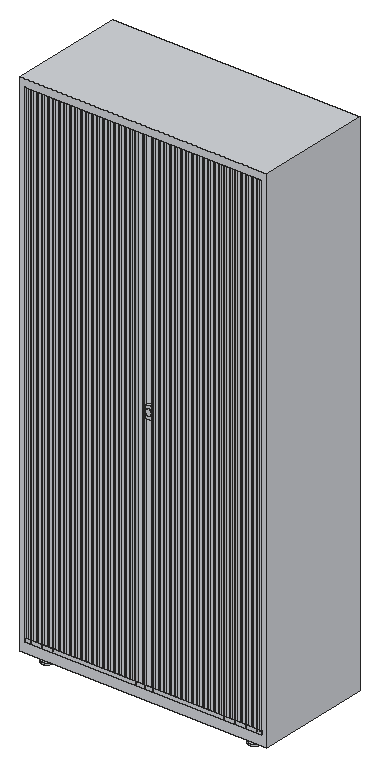
Revit family
Parameters (values of type "10T64")
  Width = 1000 mm
  Manufacturer = ""
  Height = 2111 mm
  Colour [instance] = ""
  Carbon Footprint = 0
  BLF Tambour Section = Height - 95 mm  # 2016 mm
Types (13, lengths in mm): name | Height | BLF Tambour Section
  (no name) | 2111 | 2016
  10T20 | 857 | 762
  10T24 | 857 | 762
  10T30 | 1010 | 915
  10T32 | 1085 | 990
  10T34 | 1160 | 1065
  10T36 | 1237 | 1142
  10T40 | 1315 | 1220
  10T43 | 1430 | 1335
  10T50 | 1655 | 1560
  10T54 | 1807 | 1712
  10T60 | 1960 | 1865
  10T64 | 2111 | 2016
Reference planes
  plane 1 "Center (Front/Back)": y = 0
  plane 2: z = 0
  plane 3: y = 235
  plane 4: y = -235
  plane 5: x = -400
  plane 6: x = 600
  plane 7: z = 2111
  plane 8: z = 4
  plane 9: z = 25
  plane 10: z = 65
  plane 11: z = 2081
  plane 12: x = -380
  plane 13: x = 580
  plane 14: x = -320
  plane 15: x = 520
  plane 16: y = -195
  plane 17: y = 195
  plane 18: y = 233
  plane 19: y = -215
  plane 20: z = 80
  plane 21: y = -233
  plane 22: z = 1073
  plane 23: y = -230.916
  plane 24: y = -231.961
  plane 25: x = 382
  plane 26: x = 100
  plane 27: x = 101
  plane 28: x = 136
  plane 29: x = 99
Forms (mm)
  Extrusion 1, solid
    sketch origin (0, 0, 0) x (1, 0, 0) y (0, 0, 1)
      loop
        line (-400, 2111) -> (-400, 25) -> (600, 25) -> (600, 2111) -> (-400, 2111)
      loop
        line (-380, 2081) -> (-380, 65) -> (580, 65) -> (580, 2081) -> (-380, 2081)
    from -235 to 235
  Extrusion 2, solid
    sketch origin (0, 0, 0) x (1, 0, 0) y (0, 0, 1)
      loop
        line (-380, 2081) -> (-380, 65) -> (580, 65) -> (580, 2081) -> (-380, 2081)
    from -235 to -233
  Extrusion 3, solid
    sketch origin (0, 0, 0) x (1, 0, 0) y (0, 1, 0)
      loop
        circle (-320, 195) r 25
      loop
        circle (520, 195) r 25
      loop
        circle (520, -195) r 25
      loop
        circle (-320, -195) r 25
    from 0 to 4
  Extrusion 4, solid
    sketch origin (0, 0, 0) x (1, 0, 0) y (0, 1, 0)
      loop
        circle (-320, 195) r 5
      loop
        circle (520, 195) r 5
      loop
        circle (520, -195) r 5
      loop
        circle (-320, -195) r 5
    from 4 to 25
  Extrusion 5, solid
    sketch origin (0, 0, 0) x (1, 0, 0) y (0, 0, 1)
      loop
        line (-380, 65) -> (580, 65) -> (580, 80) -> (-380, 80) -> (-380, 65)
    from 233 to 235
  Extrusion 6, solid
    sketch origin (480, 0, 0) x (1, 0, 0) y (0, 1, 0)
      loop
        line (-379, -233) -> (-376.368, -233) -> (-376.368, -225)
        spline (-376.368, -225) -> (-375.884, -223.016) -> (-374.466, -221.167) -> (-372.21, -219.579) -> (-369.27, -218.36) -> (-365.846, -217.594) -> (-362.172, -217.333) -> (-358.498, -217.594) -> (-355.074, -218.36) -> (-352.134, -219.579) -> (-349.878, -221.167) -> (-348.46, -223.016) -> (-347.976, -225)
        line (-347.976, -225) -> (-347.976, -233) -> (-344, -233) -> (-344, -215) -> (-379, -215) -> (-379, -233)
    from 65 to 2081
  Extrusion 7, solid
    sketch origin (480, 0, 0) x (1, 0, 0) y (0, 0, 1)
      loop
        line (-376.368, 1048.08) -> (-347.976, 1048.08) -> (-347.976, 1073) -> (-376.368, 1073) -> (-376.368, 1048.08)
    from 215 to 230.916
  Extrusion 8, solid
    sketch origin (480, 0, 0) x (1, 0, 0) y (0, 0, 1)
      loop
        circle (-362.172, 1073) r 12
    from 230.916 to 231.961
  Extrusion 9, solid
    sketch origin (480, 0, 24.92) x (1, 0, 0) y (0, 0, 1)
      loop
        line (-376.368, 1048.08) -> (-347.976, 1048.08) -> (-347.976, 1073) -> (-376.368, 1073) -> (-376.368, 1048.08)
    from 215 to 230.916
  Extrusion 10, solid
    sketch origin (-280, 0, 0) x (-1, 0, 0) y (0, -1, 0)
      loop
        line (-379, 233) -> (-379, 215) -> (-344, 215) -> (-344, 233) -> (-347.976, 233) -> (-347.976, 225)
        spline (-347.976, 225) -> (-348.46, 223.016) -> (-349.878, 221.167) -> (-352.134, 219.579) -> (-355.074, 218.36) -> (-358.498, 217.594) -> (-362.172, 217.333) -> (-365.846, 217.594) -> (-369.27, 218.36) -> (-372.21, 219.579) -> (-374.466, 221.167) -> (-375.884, 223.016) -> (-376.368, 225)
        line (-376.368, 225) -> (-376.368, 233) -> (-379, 233)
    from 65 to 2081
Dimensions and locks
  plane 3 to plane 1 "Center (Front/Back)" to plane 4 = 235 mm locked, 235 mm locked
  plane 5 to plane 6 = 1000 mm
  "Width": plane 5 to plane 6
  locked: plane 8 to plane 2 at 4
  locked: plane 9 to plane 8 at 21
  plane 10 to plane 9 = 40 mm
  locked: plane 7 to plane 11 at 30
  "Height": plane 7 to plane 2
  locked: plane 12 to plane 5 at 20
  locked: plane 6 to plane 13 at 20
  locked: plane 3 to plane 17 at 40
  locked: plane 16 to plane 4 at 40
  locked: plane 15 to plane 13 at 60
  locked: plane 12 to plane 14 at 60
  locked: plane 3 to plane 18 at 2
  locked: plane 19 to plane 4 at 20
  plane 6 to plane 5 = 1000 mm
  equal spacing: plane 11, plane 22, plane 10
  group 1 to group 2 = 702 mm
  group 1 to group 2 = 0 mm  (x2)
  equal spacing: plane 6, plane 26, plane 5
  equal spacing: group 3, group 5, group 6, group 7, group 8, group 9, group 10, group 11, group 12, group 13, group 14, group 15, group 16, group 17, group 18, group 19, group 20, group 21, group 22, group 4  (x3)
  equal spacing: group 24, group 42, group 41, group 40, group 39, group 38, group 37, group 36, group 35, group 34, group 33, group 32, group 31, group 30, group 29, group 28, group 27, group 26, group 25, group 23
  equal spacing: group 23, group 25, group 26, group 27, group 28, group 29, group 30, group 31, group 32, group 33, group 34, group 35, group 36, group 37, group 38, group 39, group 40, group 41, group 42, group 24  (x2)
  radius of Extrusion 3 sketch curve = 25 mm
  aligned: level to plane 2
  aligned and locked: Extrusion 1 sketch curve to plane 7
  aligned and locked: plane 5 to Extrusion 1 sketch curve
  aligned and locked: plane 9 to Extrusion 1 sketch curve
  aligned and locked: Extrusion 1 sketch curve to plane 6
  aligned and locked: Extrusion 1 sketch curve to plane 11
  aligned and locked: plane 12 to Extrusion 1 sketch curve
  aligned and locked: plane 10 to Extrusion 1 sketch curve
  aligned and locked: Extrusion 1 sketch curve to plane 13
  aligned and locked: plane 3 to Extrusion 1
  aligned and locked: Extrusion 1 to plane 4
  aligned and locked: Extrusion 2 sketch curve to Extrusion 1  (x4)
  aligned and locked: Extrusion 2 to plane 18
  aligned and locked: plane 8 to Extrusion 3
  aligned and locked: Extrusion 5 to plane 20
  aligned and locked: plane 13 to Extrusion 5
  aligned and locked: Extrusion 5 to plane 12
  aligned and locked: Extrusion 5 to plane 10
  aligned and locked: Extrusion 5 to plane 4
  aligned and locked: Extrusion 5 to plane 21
  aligned and locked: plane 19 to nested 1
  aligned and locked: plane 11 to nested 1
  aligned and locked: plane 10 to nested 1
  aligned and locked: plane 19 to Extrusion 6
  aligned and locked: plane 24 to Extrusion 8
  aligned and locked: Extrusion 5 to Extrusion 6  (x2)
  aligned and locked: plane 27 to Extrusion 6
  aligned and locked: plane 28 to Extrusion 6
  aligned: nested 1 to Extrusion 9
  aligned and locked: nested 1 to Extrusion 6
  aligned and locked: nested 21 to Extrusion 10
  aligned and locked: plane 19 to nested 21
  aligned and locked: plane 19 to Extrusion 10
  aligned and locked: Extrusion 5 to Extrusion 10  (x2)
  aligned and locked: plane 11 to Extrusion 10
  aligned and locked: plane 29 to Extrusion 10
  aligned and locked: plane 11 to Extrusion 6
Automatic sketch dimensions
  Extrusion 3 sketch curve to plane 14 = 0 mm  (x2)
  Extrusion 3 sketch curve to plane 15 = 0 mm  (x2)
  Extrusion 3 sketch curve to plane 16 = 0 mm  (x2)
  Extrusion 3 sketch curve to plane 17 = 0 mm  (x2)
  Extrusion 4 sketch curve to plane 14 = 0 mm  (x2)
  Extrusion 4 sketch curve to plane 15 = 0 mm  (x2)
  Extrusion 4 sketch curve to plane 16 = 0 mm  (x2)
  Extrusion 4 sketch curve to plane 17 = 0 mm  (x2)
  Extrusion 5 sketch curve to plane 10 = 0 mm
  Extrusion 5 sketch curve to plane 12 = 0 mm
  Extrusion 5 sketch curve to plane 13 = 0 mm
  Extrusion 5 sketch curve to plane 20 = 0 mm
  plane 21 to Extrusion 6 sketch curve = 0 mm  (x2)
  Extrusion 6 sketch curve to plane 27 = 0 mm
  Extrusion 6 sketch curve to plane 28 = 0 mm
  Extrusion 6 sketch curve to plane 19 = 0 mm
  plane 27 to Extrusion 6 sketch curve = 2.632 mm
  plane 23 to Extrusion 6 sketch curve = 5.916 mm
  Extrusion 6 sketch curve to Extrusion 6 sketch curve = 14.196 mm
  Extrusion 7 sketch curve to plane 22 = 0 mm
  plane 27 to Extrusion 7 sketch curve = 2.632 mm
  Extrusion 7 sketch curve to plane 28 = 3.976 mm
  Extrusion 7 sketch curve to plane 22 = 24.92 mm
  Extrusion 8 sketch curve to plane 22 = 0 mm
  plane 27 to Extrusion 8 sketch curve = 16.828 mm
  Extrusion 9 sketch curve to plane 22 = 0 mm
  plane 27 to Extrusion 9 sketch curve = 2.632 mm
  Extrusion 9 sketch curve to plane 28 = 3.976 mm
  Extrusion 9 sketch curve to Extrusion 9 sketch curve = 24.92 mm
  plane 21 to Extrusion 10 sketch curve = 0 mm  (x2)
  Extrusion 10 sketch curve to plane 19 = 0 mm
  plane 26 to Extrusion 10 sketch curve = 1 mm
  plane 26 to Extrusion 10 sketch curve = 3.632 mm
  Extrusion 10 sketch curve to plane 23 = 5.916 mm
  Extrusion 10 sketch curve to Extrusion 10 sketch curve = 14.196 mm
  Extrusion 10 sketch curve to Extrusion 10 sketch curve = 3.976 mm
  radius of Extrusion 3 sketch curve = 25 mm  (x3)
  radius of Extrusion 4 sketch curve = 5 mm  (x4)
  radius of Extrusion 8 sketch curve = 12 mm
Nested families
  nested 1: "BLF Tambour Section" at (136, -215, 65), type "BLF Tambour Section"
    with Tambour Section Height 2016 mm
  nested 2: "BLF Tambour Section" at (558.084, -215, 65), type "BLF Tambour Section"
    with Tambour Section Height 2016 mm
  nested 3: "BLF Tambour Section" at (158.215, -215, 65), type "BLF Tambour Section"
    with Tambour Section Height 2016 mm
  nested 4: "BLF Tambour Section" at (180.43, -215, 65), type "BLF Tambour Section"
    with Tambour Section Height 2016 mm
  nested 5: "BLF Tambour Section" at (202.645, -215, 65), type "BLF Tambour Section"
    with Tambour Section Height 2016 mm
  nested 6: "BLF Tambour Section" at (224.86, -215, 65), type "BLF Tambour Section"
    with Tambour Section Height 2016 mm
  nested 7: "BLF Tambour Section" at (247.075, -215, 65), type "BLF Tambour Section"
    with Tambour Section Height 2016 mm
  nested 8: "BLF Tambour Section" at (269.29, -215, 65), type "BLF Tambour Section"
    with Tambour Section Height 2016 mm
  nested 9: "BLF Tambour Section" at (291.505, -215, 65), type "BLF Tambour Section"
    with Tambour Section Height 2016 mm
  nested 10: "BLF Tambour Section" at (313.719, -215, 65), type "BLF Tambour Section"
    with Tambour Section Height 2016 mm
  nested 11: "BLF Tambour Section" at (335.934, -215, 65), type "BLF Tambour Section"
    with Tambour Section Height 2016 mm
  nested 12: "BLF Tambour Section" at (358.149, -215, 65), type "BLF Tambour Section"
    with Tambour Section Height 2016 mm
  nested 13: "BLF Tambour Section" at (380.364, -215, 65), type "BLF Tambour Section"
    with Tambour Section Height 2016 mm
  nested 14: "BLF Tambour Section" at (402.579, -215, 65), type "BLF Tambour Section"
    with Tambour Section Height 2016 mm
  nested 15: "BLF Tambour Section" at (424.794, -215, 65), type "BLF Tambour Section"
    with Tambour Section Height 2016 mm
  nested 16: "BLF Tambour Section" at (447.009, -215, 65), type "BLF Tambour Section"
    with Tambour Section Height 2016 mm
  nested 17: "BLF Tambour Section" at (469.224, -215, 65), type "BLF Tambour Section"
    with Tambour Section Height 2016 mm
  nested 18: "BLF Tambour Section" at (491.439, -215, 65), type "BLF Tambour Section"
    with Tambour Section Height 2016 mm
  nested 19: "BLF Tambour Section" at (513.654, -215, 65), type "BLF Tambour Section"
    with Tambour Section Height 2016 mm
  nested 20: "BLF Tambour Section" at (535.869, -215, 65), type "BLF Tambour Section"
    with Tambour Section Height 2016 mm
  nested 21: "BLF Tambour Section" at (64, -215, 65) x (-1, 0, 0) z (0, 0, 1), type "BLF Tambour Section"
    with Tambour Section Height 2016 mm
  nested 22: "BLF Tambour Section" at (-358.084, -215, 65) x (-1, 0, 0) z (0, 0, 1), type "BLF Tambour Section"
    with Tambour Section Height 2016 mm
  nested 23: "BLF Tambour Section" at (41.785, -215, 65) x (-1, 0, 0) z (0, 0, 1), type "BLF Tambour Section"
    with Tambour Section Height 2016 mm
  nested 24: "BLF Tambour Section" at (19.57, -215, 65) x (-1, 0, 0) z (0, 0, 1), type "BLF Tambour Section"
    with Tambour Section Height 2016 mm
  nested 25: "BLF Tambour Section" at (-2.645, -215, 65) x (-1, 0, 0) z (0, 0, 1), type "BLF Tambour Section"
    with Tambour Section Height 2016 mm
  nested 26: "BLF Tambour Section" at (-24.86, -215, 65) x (-1, 0, 0) z (0, 0, 1), type "BLF Tambour Section"
    with Tambour Section Height 2016 mm
  nested 27: "BLF Tambour Section" at (-47.075, -215, 65) x (-1, 0, 0) z (0, 0, 1), type "BLF Tambour Section"
    with Tambour Section Height 2016 mm
  nested 28: "BLF Tambour Section" at (-69.29, -215, 65) x (-1, 0, 0) z (0, 0, 1), type "BLF Tambour Section"
    with Tambour Section Height 2016 mm
  nested 29: "BLF Tambour Section" at (-91.505, -215, 65) x (-1, 0, 0) z (0, 0, 1), type "BLF Tambour Section"
    with Tambour Section Height 2016 mm
  nested 30: "BLF Tambour Section" at (-113.719, -215, 65) x (-1, 0, 0) z (0, 0, 1), type "BLF Tambour Section"
    with Tambour Section Height 2016 mm
  nested 31: "BLF Tambour Section" at (-135.934, -215, 65) x (-1, 0, 0) z (0, 0, 1), type "BLF Tambour Section"
    with Tambour Section Height 2016 mm
  nested 32: "BLF Tambour Section" at (-158.149, -215, 65) x (-1, 0, 0) z (0, 0, 1), type "BLF Tambour Section"
    with Tambour Section Height 2016 mm
  nested 33: "BLF Tambour Section" at (-180.364, -215, 65) x (-1, 0, 0) z (0, 0, 1), type "BLF Tambour Section"
    with Tambour Section Height 2016 mm
  nested 34: "BLF Tambour Section" at (-202.579, -215, 65) x (-1, 0, 0) z (0, 0, 1), type "BLF Tambour Section"
    with Tambour Section Height 2016 mm
  nested 35: "BLF Tambour Section" at (-224.794, -215, 65) x (-1, 0, 0) z (0, 0, 1), type "BLF Tambour Section"
    with Tambour Section Height 2016 mm
  nested 36: "BLF Tambour Section" at (-247.009, -215, 65) x (-1, 0, 0) z (0, 0, 1), type "BLF Tambour Section"
    with Tambour Section Height 2016 mm
  nested 37: "BLF Tambour Section" at (-269.224, -215, 65) x (-1, 0, 0) z (0, 0, 1), type "BLF Tambour Section"
    with Tambour Section Height 2016 mm
  nested 38: "BLF Tambour Section" at (-291.439, -215, 65) x (-1, 0, 0) z (0, 0, 1), type "BLF Tambour Section"
    with Tambour Section Height 2016 mm
  nested 39: "BLF Tambour Section" at (-313.654, -215, 65) x (-1, 0, 0) z (0, 0, 1), type "BLF Tambour Section"
    with Tambour Section Height 2016 mm
  nested 40: "BLF Tambour Section" at (-335.869, -215, 65) x (-1, 0, 0) z (0, 0, 1), type "BLF Tambour Section"
    with Tambour Section Height 2016 mm
Definition of nested family "BLF Tambour Section"
  Parameters (values of type "BLF Tambour Section")
    Tambour Section Width = 21.916 mm
    Tambour Section Height = 610 mm
    Tambour Section Depth = 16.959 mm
    Assembly Code = ""
  Reference planes
    plane 1 "Center (Front/Back)": y = 0
    plane 2: z = 0
    plane 3 "Center (Left/Right)": x = 0
  Forms (mm)
    Extrusion 1, solid
      sketch origin (0, 0, 0) x (1, 0, 0) y (0, 1, 0)
        loop
          line (0, 0) -> (0, -16) -> (10.958, -16.959) -> (21.916, -16) -> (21.916, 0) -> (0, 0)
      from 0 to 610
  Dimensions and locks
    "Tambour Section Width": Extrusion 1 sketch curve to Extrusion 1 sketch curve
    "Tambour Section Depth": Extrusion 1 sketch curve to Extrusion 1 sketch curve
    "Tambour Section Height": Extrusion 1 to plane 2
    aligned and locked: level to plane 2
    aligned and locked: Extrusion 1 sketch curve to plane 3 "Center (Left/Right)"
    aligned and locked: Extrusion 1 sketch curve to plane 1 "Center (Front/Back)"
  Automatic sketch dimensions
    plane 3 "Center (Left/Right)" to Extrusion 1 sketch curve = 10.958 mm
    Extrusion 1 sketch curve to Extrusion 1 sketch curve = 0.959 mm  (x2)
